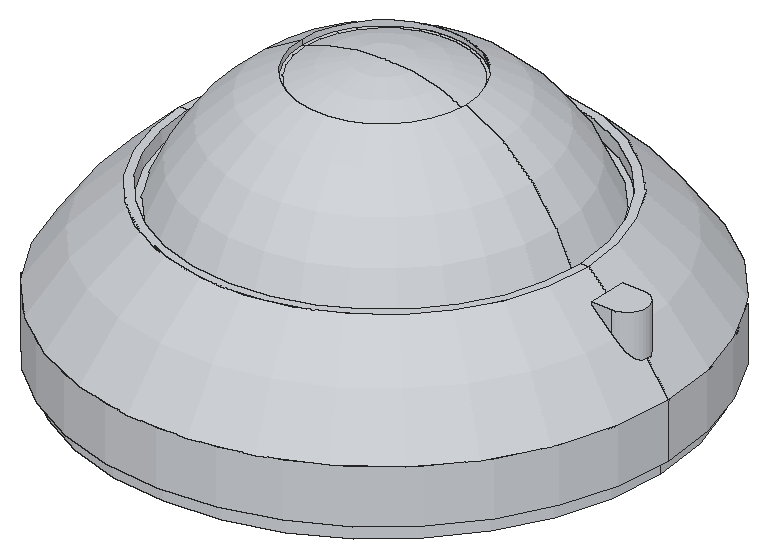
Revit family "Gira_239902", category Electrical Fixtures, host Face, Revit 2017
Family settings
  Host = Face
  Maintain Annotation Orientation = Yes
  Round Connector Dimension = Use Diameter
  Part Type = Normal
  Cut with Voids When Loaded = No
  Shared = No
  Room Calculation Point = No
Parameters (values of type "Präsenz- + Beweg.m. 360° Kompakt Wächter")
  URL = "http://katalog.gira.de/de_DE/datenblatt.html?artikelnr=239902"
  Region = "DE"
  Name = "Präsenz- + Beweg.m. 360° Kompakt Wächter"
  Manufacturer URL = "https://www.gira.de/"
  Keynote = "Bewegungsmelder_360°-Aufsatz"
  HeinzeBIM = "https://bimportal.heinze.de/bim/praesenz-beweg-m-360-kompakt-waechter/d4a18b872488b0345fe168593ef9e1d2920ec446"
  HAN = "239902"
  GTIN = "4010337019381"
  Default Elevation = 1219.2 mm
  Data sheet (1) = "https://katalog.gira.de/de_DE/download.html?artikelnr=239902"
  Category = "Zubehör für Bewegungsmelder"
  Available = "Yes"
Reference planes
  plane 1 "Center (Front/Back)": y = 0
  plane 2: z = 0
  plane 3 "Center (Left/Right)": x = 0
Forms (mm)
  Revolve 1, solid, detail levels fine
    sketch origin (0, 0, 0) x (1, 0, 0) y (0, 0, 1)
      loop
        line (-14.45, 43.996) -> (0, 43.996) -> (0, 47.07)
        arc (0, 47.07) -> (-7.387, 46.293) -> (-14.45, 43.996) r 35.5
      axis (0, 47.07) -> (0, 43.996)
    angle from 0 to 360
  Revolve 2, solid, detail levels fine
    sketch origin (0, 0, 0) x (1, 0, 0) y (0, 0, 1)
      loop
        line (-34.401, 23.8) -> (0, 23.8) -> (0, 43.996) -> (-15, 43.996) -> (-15, 44.875)
        arc (-15, 44.875) -> (-26.854, 36.32) -> (-34.401, 23.8) r 36.5
      axis (0, 44.875) -> (0, 23.8)
    angle from 0 to 360
  Revolve 3, solid, detail levels fine
    sketch origin (0, 0, 0) x (1, 0, 0) y (0, 0, 1)
      loop
        line (-51.5, 9.786) -> (-51.5, 0) -> (0, 0) -> (0, 23.8) -> (-35.498, 23.8) -> (-35.498, 26.29) -> (-36.928, 26.29)
        arc (-36.928, 26.29) -> (-44.977, 18.712) -> (-51.5, 9.786) r 60
      axis (0, 26.29) -> (0, 0)
    angle from 0 to 360
  Revolve 4, solid, detail levels fine
    sketch origin (0, 0, 0) x (1, 0, 0) y (0, 0, 1)
      loop
        line (-49.958, -2.789) -> (-48.958, -2.789) -> (-48.958, -1.289) -> (-47.669, 0) -> (-49.958, 0) -> (-49.958, -2.789)
      axis (0, 0) -> (0, -2.789)
    angle from 0 to 360
  Extrusion 5, solid
    sketch origin (0, 0, 0) x (1, 0, 0) y (0, 1, 0)
      loop
        line (-24.15, 19.208) -> (-24.15, -19.208)
        spline (-24.15, -19.208) -> (-24.108, -19.848) -> (-23.983, -20.476) -> (-23.777, -21.083) -> (-23.494, -21.658) -> (-23.138, -22.191) -> (-22.715, -22.673) -> (-22.233, -23.095) -> (-21.7, -23.452) -> (-21.125, -23.735) -> (-20.518, -23.941) -> (-19.89, -24.066) -> (-19.25, -24.108)
        line (-19.25, -24.108) -> (19.166, -24.108)
        spline (19.166, -24.108) -> (19.806, -24.066) -> (20.434, -23.941) -> (21.041, -23.735) -> (21.616, -23.452) -> (22.149, -23.095) -> (22.631, -22.673) -> (23.053, -22.191) -> (23.409, -21.658) -> (23.693, -21.083) -> (23.899, -20.476) -> (24.024, -19.848) -> (24.066, -19.208)
        line (24.066, -19.208) -> (24.066, 19.208)
        spline (24.066, 19.208) -> (24.024, 19.848) -> (23.899, 20.476) -> (23.693, 21.083) -> (23.409, 21.658) -> (23.053, 22.191) -> (22.631, 22.673) -> (22.149, 23.095) -> (21.616, 23.452) -> (21.041, 23.735) -> (20.434, 23.941) -> (19.806, 24.066) -> (19.166, 24.108)
        line (19.166, 24.108) -> (-19.25, 24.108)
        spline (-19.25, 24.108) -> (-19.89, 24.066) -> (-20.518, 23.941) -> (-21.125, 23.735) -> (-21.7, 23.452) -> (-22.233, 23.095) -> (-22.715, 22.673) -> (-23.138, 22.191) -> (-23.494, 21.658) -> (-23.777, 21.083) -> (-23.983, 20.476) -> (-24.108, 19.848) -> (-24.15, 19.208)
    from -0.889 to 1
  Extrusion 6, solid, detail levels fine
    sketch origin (0, 0, 0) x (1, 0, 0) y (0, 1, 0)
      loop
        arc (-4.754, 14.878) -> (-4.578, 14.454) -> (-4.154, 14.278) r 0.6
        line (-4.154, 14.278) -> (4.07, 14.278)
        arc (4.07, 14.278) -> (4.494, 14.454) -> (4.67, 14.878) r 0.6
        line (4.67, 14.878) -> (4.67, 20.902)
        arc (4.67, 20.902) -> (4.494, 21.326) -> (4.07, 21.502) r 0.6
        line (4.07, 21.502) -> (-4.154, 21.502)
        arc (-4.154, 21.502) -> (-4.585, 21.327) -> (-4.772, 20.902) r 0.618
        line (-4.772, 20.902) -> (-4.754, 14.878)
    from -15.789 to -0.889
  Extrusion 7, solid, detail levels fine
    sketch origin (0, 0, 0) x (1, 0, 0) y (0, 0, 1)
      loop
        line (-23.006, -13.231) -> (-21.623, -13.401) -> (-24.296, -6.252) -> (-23.502, 0.211) -> (-24.954, 0.211) -> (-24.887, -1.083) -> (-25.353, -6.415) -> (-23.006, -13.231)
      loop
        line (23.006, -13.231) -> (25.353, -6.415) -> (24.887, -1.083) -> (24.954, 0.211) -> (23.502, 0.211) -> (24.296, -6.252) -> (21.623, -13.401) -> (23.006, -13.231)
    from -11.1 to -7.9
  Extrusion 8, solid, detail levels fine
    sketch origin (0, 0, 0) x (1, 0, 0) y (0, 0, -1)
      loop
        line (-23.006, 13.231) -> (-25.353, 6.415) -> (-24.887, 1.083) -> (-24.954, -0.211) -> (-23.502, -0.211) -> (-24.296, 6.252) -> (-21.623, 13.401) -> (-23.006, 13.231)
      loop
        line (23.006, 13.231) -> (21.623, 13.401) -> (24.296, 6.252) -> (23.502, -0.211) -> (24.954, -0.211) -> (24.887, 1.083) -> (25.353, 6.415) -> (23.006, 13.231)
    from -11.1 to -7.9
  Extrusion 9, solid, detail levels fine
    sketch origin (0, 0, 0) x (1, 0, 0) y (0, 1, 0)
      loop
        line (40.39, 3.5) -> (40.39, -3.5) -> (44, -3.5)
        arc (44, -3.5) -> (47.5, 0) -> (44, 3.5) r 3.5
        line (44, 3.5) -> (40.39, 3.5)
    from 11.739 to 23.27
  Revolve 10, solid, detail levels medium
    sketch origin (0, 0, 0) x (1, 0, 0) y (0, 0, 1)
      loop
        line (-51.5, 9.786) -> (-51.5, 0) -> (0, 0) -> (0, 47.202)
        arc (0, 47.202) -> (-31.658, 36.626) -> (-51.5, 9.786) r 55.419
      axis (0, 47.202) -> (0, 0)
    angle from 0 to 360
  Extrusion 11, solid, detail levels medium
    sketch origin (0, 0, 0) x (1, 0, 0) y (0, 1, 0)
      loop
        circle (0, 0) r 49.958
    from -2.789 to 0
  Extrusion 12, solid, detail levels medium
    sketch origin (0, 0, 0) x (1, 0, 0) y (0, 0, -1)
      loop
        line (-24.954, -0.211) -> (-21.623, -0.211) -> (-21.623, 13.401) -> (-24.954, 13.401) -> (-24.954, -0.211)
      loop
        line (24.954, -0.211) -> (24.954, 13.401) -> (21.623, 13.401) -> (21.623, -0.211) -> (24.954, -0.211)
    from -11.1 to -7.9
  Extrusion 13, solid, detail levels medium
    sketch origin (0, 0, 0) x (1, 0, 0) y (0, 0, 1)
      loop
        line (-24.954, 0.211) -> (-24.954, -13.401) -> (-21.623, -13.401) -> (-21.623, 0.211) -> (-24.954, 0.211)
      loop
        line (24.954, 0.211) -> (21.623, 0.211) -> (21.623, -13.401) -> (24.954, -13.401) -> (24.954, 0.211)
    from -11.1 to 0
  Extrusion 14, solid, detail levels coarse
    sketch origin (0, 0, 0) x (1, 0, 0) y (0, 1, 0)
      loop
        circle (0, 0) r 51.5
    from -15.789 to 47.07
  Extrusion 15, solid, detail levels medium
    sketch origin (0, 0, 0) x (1, 0, 0) y (0, 1, 0)
      loop
        line (-4.752, 14.278) -> (4.67, 14.278) -> (4.67, 21.502) -> (-4.773, 21.502) -> (-4.752, 14.278)
    from -15.789 to -0.889
Dimensions and locks
  aligned and locked: plane 2 to host face
  aligned and locked: level to host face
  aligned and locked: nested 1 to plane 3 "Center (Left/Right)"
  aligned and locked: plane 1 "Center (Front/Back)" to nested 1
Nested families
  nested 1: "Belegungssensor - Bewegung - Aufputz - Beschriftung" at (0, 0, 0) x (0, -1, 0) z (0, 0, 1), type "Belegungssensor - Bewegung - Aufputz - Beschriftung"
Connectors
  electrical at (0, 0, -15.789)
    settings: on Extrusion 14, index 1, voltage 220 V, apparent load 0 VA, apparent load phase1 0 VA, apparent load phase2 0 VA, apparent load phase3 0 VA, power factor 1, load classification "Other", number of poles 1, system type 30, power factor state 1, is connector primary yes, connector utility no, sub classification motor no, connector description ""
Definition of nested family "Belegungssensor - Bewegung - Aufputz - Beschriftung"
  Reference planes
    plane 1: y = 0
    plane 2: x = 0
  Lines and regions (mm)
    Filled region 1, type "Gefüllter Bereich 1"
      outline origin (143.425, -20.712, 0) x (1, 0, 0) y (0, 1, 0)
        loop
          line (-148.697, 21.204) -> (-148.697, 20.409) -> (-147.583, 20.807) -> (-148.697, 21.204)
    Filled region 2, type "Gefüllter Bereich 1"
      outline origin (141.808, 30.001, 0) x (0.939693, 0.34202, 0) y (-0.34202, 0.939693, 0)
        loop
          line (-148.694, 21.203) -> (-148.694, 20.41) -> (-147.583, 20.807) -> (-148.694, 21.203)
    Filled region 3, type "Gefüllter Bereich 1"
      outline origin (141.819, -29.825, 0) x (-0.34202, -0.939693, 0) y (0.939693, -0.34202, 0)
        loop
          line (21.204, -148.697) -> (20.807, -147.583) -> (20.409, -148.697) -> (21.204, -148.697)
    detail lines
      curve 1: line (-1.207, 0.095, 0) -> (-3.486, 1.411, 0)
      curve 2: line (-1.207, 0.095, 0) -> (-3.486, -1.221, 0)
      curve 5: arc (-3.252, 1.752, 0) -> (-3.839, 0.095, 0) -> (-3.252, -1.562, 0) r 2.632
      curve 6: line (-6, 3, 0) -> (0, 3, 0)
      curve 7: line (-6, -3, 0) -> (-6, 3, 0)
      curve 8: line (0, -3, 0) -> (-6, -3, 0)
      curve 9: line (0, 3, 0) -> (0, -3, 0)
    reference lines
      curve 3: line (-1.207, 0.095, 0) -> (-3.616, 2.046, 0)
      curve 4: line (-1.207, 0.095, 0) -> (-3.616, -1.856, 0)
  Dimensions and locks
    curve 1 to curve 1 = 2.632 mm
    curve 2 to curve 2 = 2.632 mm
    curve 6 to curve 8 = 6 mm
    curve 7 to curve 9 = 6 mm
    angle curve 1 to curve 2 = 60.00°
    aligned and locked: curve 6 to curve 7
    aligned and locked: curve 9 to curve 9
